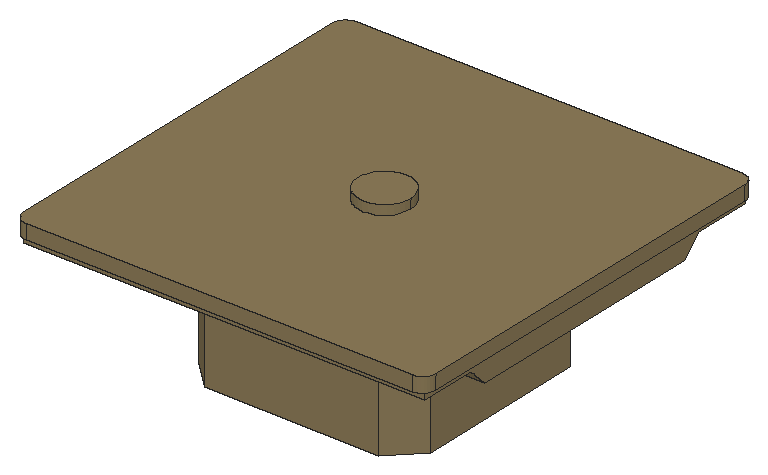
Revit family "Switch-Lutron-HomeWork-Wired_Alisse_Keypad", category Lighting Devices, host Face, Revit 2018
Family settings
  Host = Face
  Maintain Annotation Orientation = Yes
  Round Connector Dimension = Use Diameter
  Part Type = Switch
  OmniClass Number = 23.85.80.11.27
  OmniClass Title = Lighting Controls
  Cut with Voids When Loaded = No
  Shared = No
  Room Calculation Point = No
Parameters (values of type "Single Column Keypad and Base Unit")
  Wattage Comment = if(Constraints = 1, "370 mW", if(Constraints = 2, "449 mW", if(Constraints = 3, "543 mW", " ")))  # "370 mW"
  Warranty URL = "http://www.lutron.com/en-US/Service-Support/Pages/Service/Warranty/Warranty.aspx"
  Wallstation Material = Metal - Lutron - Aged Brass
  Voltage Comment = "24-36V"  # constant formula
  Voltage = 24 V
  Video Link = "https://www.youtube.com/user/LutronElectronicsInc"
  Version = "2018 - v1.0a"  # constant formula
  URL = "http://www.lutron.com"
  Type Comments = ""
  Support Phone = "(224) 699-9545"  # constant formula
  Support Email = "mailto: support@anguleris.com"
  Series = "HomeWorks"  # constant formula
  Product Page URL = "https://www.lutron.com/en-US/Products/Pages/Components/alisse/overview.aspx"
  Product Name = "Alisse Keypad"  # constant formula
  Product Documentation Link = "https://www.lutron.com/TechnicalDocumentLibrary/3691154_ENG.pdf"
  Performance URL = "https://www.lutron.com/TechnicalDocumentLibrary/260943_Network_Lighting_Controls_Lutron_HomeWorks.doc"
  Overall Width = if(Constraints = 3, 0' 4 105/128", 0' 3 141/256")  # 0' - 3 141/256"
  Overall Height = 0' - 3 141/256"  # constant formula
  Overall Depth = 0' 0 49/256" + 0' 1 23/256"  # 0' - 1 9/32"
  Model = if(and(Constraints = 1, Engraved), "HW–NW–KP–S1–E + HW–QS–B–S1", if(and(Constraints = 1), "HW–NW–KP–S1 + HW–QS–B–S1", if(and(Constraints = 2, Engraved), "HW–NW–KP–S2–E + HW–QS–B–S1", if(and(Constraints = 2), "HW–NW–KP–S2 + HW–QS–B–S1", if(and(Constraints = 3, Engraved), "HW–NW–KP–S3–E + HW–QS–B–S3", if(and(Constraints = 3), "HW–NW–KP–S3 + HW–QS–B–S3", " "))))))  # "HW–NW–KP–S1 + HW–QS–B–S1"
  Material = ""
  Manufacturer Phone Number = "610-282-3800"  # constant formula
  Manufacturer Fax Number = "610-282-1243"  # constant formula
  Manufacturer Email = "mailto:support@lutron.com"
  Manufacturer Address = "7200 Suter Rd, Coopersburg, PA 18036"  # constant formula
  Manufacturer = "Lutron Electronics Co., Inc"  # constant formula
  Label [instance] = "KP"
  Keynote = ""
  Instruction Sheet Link - QS Keypad Base Unit = "https://www.lutron.com/TechnicalDocumentLibrary/041761_ENG.pdf"
  Instruction Sheet Link = "https://www.lutron.com/TechnicalDocumentLibrary/041760_ENG.pdf"
  Insert = "No"
  Environment = "Ambient operating temperature: 32 °F to 104 °F (0 °C to 40 °C), 0% to 90% non-condensing relative humidity. Indoor use only."  # constant formula
  Engraved = no
  Description = "HomeWorks Wired Alisse Keypad"
  Default Elevation = 4' - 0"
  Cost Info = "mailto:custsvc@lutron.com"
  Cost = 0
  Copyright = "© 2020 Lutron Electronics Co., Inc."  # constant formula
  Constraints = 1
  C 1&2 Column [instance] = if(or([1-Column], [2-Column]), 1 = 1, 1 = 0)  # yes
  Assembly Code = "D5020120"
  Additional Material Finish = Metal - Lutron - Aged Brass
  3-Column = if(Constraints = 3, 1 = 1, 1 = 0)  # no
  3 Button / 1 Button [instance] = no
  3 Button [instance] = no
  2-Column = if(Constraints = 2, 1 = 1, 1 = 0)  # no
  2 Button [instance] = no
  1-Column = if(Constraints = 1, 1 = 1, 1 = 0)  # yes
  1 Button / 3 Button [instance] = no
  1 Button [instance] = yes
Types (3): name | Wattage Comment | Overall Width | Model | Constraints | C 1&2 Column | 3-Column | 2-Column | 1-Column
  Single Column Keypad and Base Unit | "370 mW" | 0' - 3 141/256" | "HW–NW–KP–S1 + HW–QS–B–S1" | 1 | yes | no | no | yes
  Two Column Keypad and Base Unit | "449 mW" | 0' - 3 141/256" | "HW–NW–KP–S2 + HW–QS–B–S1" | 2 | yes | no | yes | no
  Three Column Keypad and Base Unit | "543 mW" | 0' - 4 105/128" | "HW–NW–KP–S3 + HW–QS–B–S3" | 3 | no | yes | no | no
Reference planes (in)
  plane 1 "Center (Front/Back)": y = 0
  plane 2: z = 0
  plane 3 "Center (Left/Right)": x = 0
  plane 4: z = 0.125
  plane 5: z = -1.155
  plane 6: z = -0.065
  plane 7: y = -1.77453
  plane 8: x = 2.41
  plane 9: y = 1.77453
  plane 10: x = -2.41
Forms (in)
  Extrusion 1, solid, material "Metal - Lutron - Aged Brass" <- "Additional Material Finish", visible <- "C 1&2 Column"
    sketch origin (0, 0, 0) x (1, 0, 0) y (0, 1, 0)
      loop
        line (-0.99985, 0.74985) -> (-0.99985, -0.74985) -> (-0.74985, -0.99985) -> (0.74985, -0.99985) -> (0.99985, -0.74985) -> (0.99985, 0.74985) -> (0.74985, 0.99985) -> (-0.74985, 0.99985) -> (-0.99985, 0.74985)
    from -1.155 to -0.22028
  Extrusion 2, solid, material "Metal - Lutron - Aged Brass" <- "Additional Material Finish", visible <- "C 1&2 Column"
    sketch origin (0, 0, 0) x (0, 1, 0) y (0, 0, 1)
      loop
        line (-1.72528, 0) -> (-1.72528, -0.065) -> (-1.22528, -0.065) -> (-1.06999, -0.22028) -> (1.06999, -0.22028) -> (1.22528, -0.065) -> (1.72528, -0.065) -> (1.72528, 0) -> (-1.72528, 0)
    from -1.72528 to 1.72528
  Extrusion 3, solid, material "Metal - Lutron - Aged Brass" <- "Wallstation Material", visible <- "C 1&2 Column"
    sketch origin (0, 0, 0) x (1, 0, 0) y (0, 1, 0)
      loop
        arc (-1.66077, 1.775) -> (-1.74154, 1.74154) -> (-1.775, 1.66077) r 0.11423
        line (-1.775, 1.66077) -> (-1.775, -1.66172)
        arc (-1.775, -1.66172) -> (-1.74182, -1.74182) -> (-1.66172, -1.775) r 0.11328
        line (-1.66172, -1.775) -> (1.66172, -1.775)
        arc (1.66172, -1.775) -> (1.74182, -1.74182) -> (1.775, -1.66172) r 0.11328
        line (1.775, -1.66172) -> (1.775, 1.66172)
        arc (1.775, 1.66172) -> (1.74182, 1.74182) -> (1.66172, 1.775) r 0.11328
        line (1.66172, 1.775) -> (-1.66077, 1.775)
    from 0 to 0.125
  Extrusion 4, solid, material "Metal - Lutron - Aged Brass" <- "Additional Material Finish", visible <- "3-Column"
    sketch origin (0, 0.00047, 0) x (1, 0, 0) y (0, 1, 0)
      loop
        line (-1.63485, 0.74985) -> (-1.63485, -0.74985) -> (-1.38485, -0.99985) -> (1.38485, -0.99985) -> (1.63485, -0.74985) -> (1.63485, 0.74985) -> (1.38485, 0.99985) -> (-1.38485, 0.99985) -> (-1.63485, 0.74985)
    from -1.155 to -0.22028
  Extrusion 5, solid, material "Metal - Lutron - Aged Brass" <- "Additional Material Finish", visible <- "3-Column"
    sketch origin (0, 0.00047, 0) x (0, 1, 0) y (0, 0, 1)
      loop
        line (-1.72528, 0) -> (-1.72528, -0.065) -> (-1.22528, -0.065) -> (-1.06999, -0.22028) -> (1.06999, -0.22028) -> (1.22528, -0.065) -> (1.72528, -0.065) -> (1.72528, 0) -> (-1.72528, 0)
    from -2.36028 to 2.36028
  Extrusion 6, solid, material "Metal - Lutron - Aged Brass" <- "Wallstation Material", visible <- "3-Column"
    sketch origin (0, 0.00047, 0) x (1, 0, 0) y (0, 1, 0)
      loop
        arc (-2.29577, 1.775) -> (-2.37654, 1.74154) -> (-2.41, 1.66077) r 0.11423
        line (-2.41, 1.66077) -> (-2.41, -1.66172)
        arc (-2.41, -1.66172) -> (-2.37682, -1.74182) -> (-2.29672, -1.775) r 0.11328
        line (-2.29672, -1.775) -> (2.29672, -1.775)
        arc (2.29672, -1.775) -> (2.37682, -1.74182) -> (2.41, -1.66172) r 0.11328
        line (2.41, -1.66172) -> (2.41, 1.66172)
        arc (2.41, 1.66172) -> (2.37682, 1.74182) -> (2.29672, 1.775) r 0.11328
        line (2.29672, 1.775) -> (-2.29577, 1.775)
    from 0 to 0.125
Lines and regions (in)
  Masking region 1, visible <- "C 1&2 Column"
    outline origin (0, 0, 0) x (1, 0, 0) y (0, 0, 1)
      loop
        line (1.775, 0.125) -> (-1.775, 0.125) -> (-1.775, 0) -> (-1.72528, 0) -> (-1.72528, -0.22028) -> (1.72528, -0.22028) -> (1.72528, 0) -> (1.775, 0) -> (1.775, 0.125)
  Masking region 2, visible <- "3-Column"
    outline origin (0, 0, 0) x (1, 0, 0) y (0, 0, 1)
      loop
        line (2.41, 0.125) -> (-2.41, 0.125) -> (-2.41, 0) -> (-2.36028, 0) -> (-2.36028, -0.22028) -> (2.36028, -0.22028) -> (2.36028, 0) -> (2.41, 0) -> (2.41, 0.125)
  symbolic lines, visible <- "C 1&2 Column", detail levels medium+fine
    curve 1: line (1.72528, 0, 0) -> (-1.72528, 0, 0)
  symbolic lines, visible <- "3-Column", detail levels medium+fine
    curve 2: line (2.36028, 0, 0) -> (-2.36028, 0, 0)
Dimensions and locks (in)
  plane 4 to level = 0' - 0 1/8"
  plane 6 to plane 5 = 0' - 1.09"
  plane 4 to plane 6 = 0' - 0.19"
  aligned and locked: plane 2 to host face
  aligned and locked: level to host face
  aligned and locked: plane 1 "Center (Front/Back)" to nested 2
  aligned and locked: plane 3 "Center (Left/Right)" to nested 2
Nested families (in)
  nested 1: "Switch Annotation" at (0, 0, 0), type "Switch Annotation", detail levels coarse+medium
  nested 2: "Nested_Button" at (0, 0, 0), type "Nested_Button"
Connectors (in)
  electrical at (0, 0, -1.155)
    settings: on Extrusion 1, index 2, voltage 0 V, apparent load 0 VA, apparent load phase1 0 VA, apparent load phase2 0 VA, apparent load phase3 0 VA, power factor 1, load classification "Other", number of poles 1, system type 13, power factor state 1, is connector primary yes, connector utility no, sub classification motor no, connector description "Control Connection"
Definition of nested family "Nested_Button"
  Parameters (values of type "Nested_Button")
    Wallstation Material = none
    Triple 3 Button / 1 Button = if(and([3-Column], [3 Button / 1 Button]), 1 = 1, 1 = 0)  # no
    Triple 3 Button = if(and([3-Column], [3 Button]), 1 = 1, 1 = 0)  # no
    Triple 2 Button = if(and([3-Column], [2 Button]), 1 = 1, 1 = 0)  # no
    Triple 1 Button / 3 Button = if(and([3-Column], [1 Button / 3 Button]), 1 = 1, 1 = 0)  # no
    Triple 1 Button = if(and([3-Column], [1 Button]), 1 = 1, 1 = 0)  # no
    Single 3 Button = if(and([1-Column], [3 Button]), 1 = 1, if(and([1-Column], [3 Button / 1 Button]), 1 = 1, 1 = 0))  # no
    Single 2 Button = if(and([1-Column], [2 Button]), 1 = 1, 1 = 0)  # no
    Single 1 Button = if(and([1-Column], [1 Button]), 1 = 1, if(and([1-Column], [1 Button / 3 Button]), 1 = 1, 1 = 0))  # yes
    Double 3 Button / 1 Button = if(and([2-Column], [3 Button / 1 Button]), 1 = 1, 1 = 0)  # no
    Double 3 Button = if(and([2-Column], [3 Button]), 1 = 1, 1 = 0)  # no
    Double 2 Button = if(and([2-Column], [2 Button]), 1 = 1, 1 = 0)  # no
    Double 1 Button / 3 Button = if(and([2-Column], [1 Button / 3 Button]), 1 = 1, 1 = 0)  # no
    Double 1 Button = if(and([2-Column], [1 Button]), 1 = 1, 1 = 0)  # no
    Default Elevation = 4' - 0"
    3-Column = no
    3 Button / 1 Button = no
    3 Button = no
    2-Column = no
    2 Button = no
    1-Column = yes
    1 Button / 3 Button = no
    1 Button = yes
  Reference planes (in)
    plane 1 "Center (Front/Back)": y = 0
    plane 2: z = 0
    plane 3 "Center (Left/Right)": x = 0
  Forms (in)
    Extrusion 1, solid
      sketch origin (0, 0, 0) x (1, 0, 0) y (0, 1, 0)
        loop
          line (-48, 48) -> (-48, -48) -> (48, -48) -> (48, 48) -> (-48, 48)
      from 0 to -12
    Extrusion 2, solid, material <- "Wallstation Material", visible <- "Single 3 Button"
      sketch origin (0, 0.00047, 0) x (1, 0, 0) y (0, 1, 0)
        loop
          circle (0, 0.88072) r 0.22843
        loop
          circle (0, 0) r 0.22843
        loop
          circle (0, -0.88072) r 0.22843
      from 0.125 to 0.20603
    Extrusion 3, solid, material <- "Wallstation Material", visible <- "Single 2 Button"
      sketch origin (0, 0.00047, 0) x (1, 0, 0) y (0, 1, 0)
        loop
          circle (0, 0.63493) r 0.22843
        loop
          circle (0, -0.63587) r 0.22843
      from 0.125 to 0.20603
    Extrusion 4, solid, material <- "Wallstation Material", visible <- "Single 1 Button"
      sketch origin (0, 0.00047, 0) x (1, 0, 0) y (0, 1, 0)
        loop
          circle (0, 0) r 0.22843
      from 0.125 to 0.20603
    Extrusion 5, solid, material <- "Wallstation Material", visible <- "Double 3 Button"
      sketch origin (-0.62235, 0.00047, 0) x (1, 0, 0) y (0, 1, 0)
        loop
          circle (0, 0.88072) r 0.22843
        loop
          circle (0, 0) r 0.22843
        loop
          circle (0, -0.88072) r 0.22843
      from 0.125 to 0.20603
    Extrusion 6, solid, material <- "Wallstation Material", visible <- "Double 3 Button"
      sketch origin (0.62235, 0.00047, 0) x (-1, 0, 0) y (0, -1, 0)
        loop
          circle (0, -0.88072) r 0.22843
        loop
          circle (0, 0) r 0.22843
        loop
          circle (0, 0.88072) r 0.22843
      from 0.125 to 0.20603
    Extrusion 7, solid, material <- "Wallstation Material", visible <- "Double 2 Button"
      sketch origin (-0.62235, 0.00047, 0) x (1, 0, 0) y (0, 1, 0)
        loop
          circle (0, 0.63493) r 0.22843
        loop
          circle (0, -0.63587) r 0.22843
      from 0.125 to 0.20603
    Extrusion 8, solid, material <- "Wallstation Material", visible <- "Double 2 Button"
      sketch origin (0.62235, 0.00047, 0) x (-1, 0, 0) y (0, -1, 0)
        loop
          circle (0, -0.63493) r 0.22843
        loop
          circle (0, 0.63587) r 0.22843
      from 0.125 to 0.20603
    Extrusion 9, solid, material <- "Wallstation Material", visible <- "Double 1 Button"
      sketch origin (-0.62235, 0.00047, 0) x (1, 0, 0) y (0, 1, 0)
        loop
          circle (0, 0) r 0.22843
        loop
          circle (1.24471, 0) r 0.22843
      from 0.125 to 0.20603
    Extrusion 10, solid, material <- "Wallstation Material", visible <- "Double 1 Button / 3 Button"
      sketch origin (0.62235, 0.00047, 0) x (-1, 0, 0) y (0, -1, 0)
        loop
          circle (0, -0.88072) r 0.22843
        loop
          circle (0, 0) r 0.22843
        loop
          circle (0, 0.88072) r 0.22843
        loop
          circle (1.24471, 0) r 0.22843
      from 0.125 to 0.20603
    Extrusion 11, solid, material <- "Wallstation Material", visible <- "Double 3 Button / 1 Button"
      sketch origin (-0.62235, 0.00047, 0) x (1, 0, 0) y (0, 1, 0)
        loop
          circle (0, 0.88072) r 0.22843
        loop
          circle (0, 0) r 0.22843
        loop
          circle (0, -0.88072) r 0.22843
        loop
          circle (1.24471, 0) r 0.22843
      from 0.125 to 0.20603
    Extrusion 12, solid, material <- "Wallstation Material", visible <- "Triple 2 Button"
      sketch origin (-1.24471, 0.00047, 0) x (1, 0, 0) y (0, 1, 0)
        loop
          circle (0, 0.63493) r 0.22843
        loop
          circle (0, -0.63587) r 0.22843
      from 0.125 to 0.20603
    Extrusion 13, solid, material <- "Wallstation Material", visible <- "Triple 2 Button"
      sketch origin (0, 0.00047, 0) x (-1, 0, 0) y (0, -1, 0)
        loop
          circle (0, -0.63493) r 0.22843
        loop
          circle (0, 0.63587) r 0.22843
      from 0.125 to 0.20603
    Extrusion 14, solid, material <- "Wallstation Material", visible <- "Triple 2 Button"
      sketch origin (1.24471, 0.00047, 0) x (-1, 0, 0) y (0, -1, 0)
        loop
          circle (0, -0.63493) r 0.22843
        loop
          circle (0, 0.63587) r 0.22843
      from 0.125 to 0.20603
    Extrusion 15, solid, material <- "Wallstation Material", visible <- "Triple 1 Button"
      sketch origin (-1.24471, 0.00047, 0) x (1, 0, 0) y (0, 1, 0)
        loop
          circle (0, 0) r 0.22843
        loop
          circle (1.24471, 0) r 0.22843
        loop
          circle (2.48942, 0) r 0.22843
      from 0.125 to 0.20603
    Extrusion 16, solid, material <- "Wallstation Material", visible <- "Triple 3 Button"
      sketch origin (1.24471, 0.00047, 0) x (-1, 0, 0) y (0, -1, 0)
        loop
          circle (0, -0.88072) r 0.22843
        loop
          circle (0, 0) r 0.22843
        loop
          circle (0, 0.88072) r 0.22843
        loop
          circle (1.24471, -0.88072) r 0.22843
        loop
          circle (1.24471, 0) r 0.22843
        loop
          circle (1.24471, 0.88072) r 0.22843
        loop
          circle (2.48942, -0.88072) r 0.22843
        loop
          circle (2.48942, 0) r 0.22843
        loop
          circle (2.48942, 0.88072) r 0.22843
      from 0.125 to 0.20603
    Extrusion 17, solid, material <- "Wallstation Material", visible <- "Triple 1 Button / 3 Button"
      sketch origin (1.24471, 0.00047, 0) x (-1, 0, 0) y (0, -1, 0)
        loop
          circle (0, -0.88072) r 0.22843
        loop
          circle (0, 0) r 0.22843
        loop
          circle (0, 0.88072) r 0.22843
        loop
          circle (1.24471, -0.88072) r 0.22843
        loop
          circle (1.24471, 0) r 0.22843
        loop
          circle (1.24471, 0.88072) r 0.22843
        loop
          circle (2.48942, 0) r 0.22843
      from 0.125 to 0.20603
    Extrusion 18, solid, material <- "Wallstation Material", visible <- "Triple 3 Button / 1 Button"
      sketch origin (1.24471, 0.00047, 0) x (-1, 0, 0) y (0, -1, 0)
        loop
          circle (0, 0) r 0.22843
        loop
          circle (1.24471, -0.88072) r 0.22843
        loop
          circle (1.24471, 0) r 0.22843
        loop
          circle (1.24471, 0.88072) r 0.22843
        loop
          circle (2.48942, -0.88072) r 0.22843
        loop
          circle (2.48942, 0) r 0.22843
        loop
          circle (2.48942, 0.88072) r 0.22843
      from 0.125 to 0.20603
  Dimensions and locks (in)
    aligned and locked: plane 2 to Extrusion 1
    aligned and locked: level to Extrusion 1
Definition of nested family "Switch Annotation"
  Parameters
    Label = "LC"
  Reference planes (in)
    plane 1: y = 0
    plane 2: x = 0
  Lines and regions (in)
    detail lines
      curve 1: line (0, 0.125, 0) -> (0, 0, 0)
      curve 3: arc (0.01506, 0.11153, 0) -> (-0.02442, 0.09683, 0) -> (0, 0.0625, 0) r 0.02655
      curve 4: arc (0, 0.0625, 0) -> (0.01543, 0.02147, 0) -> (-0.02827, 0.02483, 0) r 0.02599
    reference lines
      curve 2: line (0, 0.0625, 0) -> (-0.11983, 0.0625, 0)
      curve 5: line (0.10095, -0.04722, 0) -> (0.10095, 0.09386, 0)
      curve 6: line (0.10095, -0.04722, 0) -> (0.28349, -0.04722, 0)
      curve 7: line (0.10095, 0.04579, 0) -> (0.31014, 0.04579, 0)
  Text (in)
    label "2" at (0.1048, 0.12997, 0), shows "Label"
  Dimensions and locks (in)
    locked: curve 6 to curve 7 at 0.09301
    locked: curve 1 to curve 5 at 0.10095
    locked: curve 1 to curve 1 at 0.125
    locked: plane 1 to curve 2 at 0.0625
    aligned and locked: curve 1 to curve 2
    aligned and locked: curve 3 to curve 2
    aligned and locked: curve 4 to curve 2
    aligned and locked: plane 1 to curve 1
    aligned and locked: curve 1 to plane 2
    aligned and locked: plane 2 to curve 1
